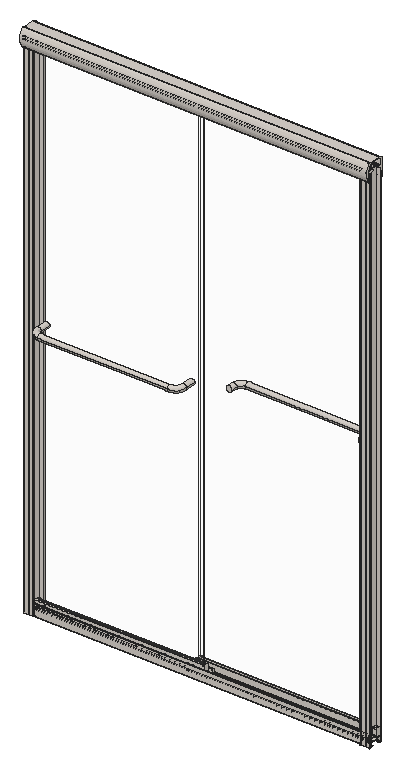
Revit family "Shower-Shower_Door-STERLING-Finesse-5485_1", category Specialty Equipment, host Face, Revit 2015
Parameters (values of type "N-Nickel with Lake Mist Glass Pattern")
  Width [instance] = 47 5/8"
  WaterSense Certified = 1 = 0  # no
  Walk-through [instance] = Width - 25 7/8"  # 21 3/4"
  URL = "https://www.sterlingplumbing.com/"
  Product Page URL = "http://www.sterlingplumbing.com/detail?productNumber=5485-48"
  Product Name = "Finesse"  # constant formula
  Product Documentation Link = "https://resources.kohler.com/plumbing/sterling/pdf/5485-48_spec.pdf"
  Model = "5485-48N-G69"  # constant formula
  Material = "Nickel frame finish"  # constant formula
  MasterFormat 2004 = "10.28.13"  # constant formula
  MasterFormat 1995 = "10820"  # constant formula
  Manufacturer Address = "444 Highland Dr, Kohler, WI 53044"  # constant formula
  Manufacturer = "STERLING Co."  # constant formula
  Length = 2 1/2"  # constant formula
  Height = 72"  # constant formula
  Glass Material = Sterling-Glass-G69-Lake_Mist_Glass_Pattern
  Finish = Sterling-Metal-N-Nickel
  Environmental Product Declaration = ""
  Description = "Frameless Sliding Shower Door"  # constant formula
  Default Elevation = 0"
  Declare Label = ""
  Date Modified = "6/10/2019"  # constant formula
  Date Created = "6/10/2019"  # constant formula
  Copyright = "Copyright KOHLER Co."  # constant formula
  Contact Us = "https://www.us.kohler.com/us/static/contact.jsp"
  Assembly Code = "C1030200"
  ADA Compliant = 1 = 0  # no
Reference planes (in)
  plane 1 "Center (Front/Back)": y = 0
  plane 2: z = 0
  plane 3 "Center (Left/Right)": x = 0
  plane 4: x = -25.875
  plane 5: z = 72
  plane 6: z = 69.5
  plane 7: y = -2.27244
  plane 8: y = 4.13293
  plane 9: x = 21.75
  plane 10: y = 1.93295
  plane 11: y = -0.56705
  plane 12: z = 1.9375
Dimensions and locks (in)
  "Width": plane 9 to plane 4
  locked: plane 3 "Center (Left/Right)" to plane 4 at 25.875
  plane 9 to plane 3 "Center (Left/Right)" = 21 3/4"
  "Height": plane 5 to level
  "Length": plane 10 to plane 11
  plane 5 to plane 6 = 2 1/2"
  aligned and locked: plane 2 to host face
  aligned and locked: level to host face
Automatic sketch dimensions
  host sketch curve to host sketch curve = 96"  (x2)
Nested families (in)
  nested 1: "5485" at (0, 0, 0), type "5485"
Definition of nested family "5485"
  Parameters (values of type "5485")
    Width = 47 5/8"
    Material = none
    Glass Material = none
  Reference planes (in)
    plane 1 "Center (Front/Back)": y = 0
    plane 2: z = 0
    plane 3 "Center (Left/Right)": x = 0
    plane 4: x = -23.8125
    plane 5: x = 21.75
    plane 6: z = 72
    plane 7: z = 69.78125
    plane 8: y = 1.875
    plane 9: y = 1.93295
    plane 10: y = -0.56705
    plane 11: z = 69.5
    plane 12: x = -25.875
    plane 13: y = 4.13293
    plane 14: y = -2.27244
    plane 15: z = 2
    plane 16: z = 1.9375
  Forms (in)
    Extrusion 1, solid, material <- "Material", detail levels medium+fine
      sketch origin (0, 0, 0) x (0, 1, 0) y (0, 0, 1)
        loop
          line (1.6822, 71.96996) -> (0.17053, 71.96996)
          arc (0.17053, 71.96996) -> (0.13608, 71.97421) -> (0.10369, 71.98668) r 0.14197
          arc (0.10369, 71.98668) -> (0.03395, 71.99844) -> (-0.02878, 71.9658) r 0.1113
          arc (-0.02878, 71.9658) -> (-0.56863, 70.7368) -> (-0.0345, 69.5053) r 1.67776
          arc (-0.0345, 69.5053) -> (-0.00689, 69.50584) -> (-0.00654, 69.53346) r 0.01985
          arc (-0.00654, 69.53346) -> (-0.37946, 70.14444) -> (-0.47236, 70.85417) r 1.72561
          arc (-0.47236, 70.85417) -> (-0.45657, 70.88265) -> (-0.42603, 70.89396) r 0.04688
          line (-0.42603, 70.89396) -> (-0.07155, 70.89396)
          arc (-0.07155, 70.89396) -> (-0.05634, 70.88767) -> (-0.05005, 70.87246) r 0.0215
          line (-0.05005, 70.87246) -> (-0.05005, 70.5088)
          arc (-0.05005, 70.5088) -> (-0.02801, 70.48534) -> (-0.00322, 70.50586) r 0.02351
          arc (-0.00322, 70.50586) -> (-0.00081, 70.53147) -> (0, 70.55719) r 0.41101
          line (0, 70.55719) -> (0, 70.77699)
          arc (0, 70.77699) -> (0.00849, 70.79748) -> (0.02897, 70.80596) r 0.02897
          line (0.02897, 70.80596) -> (0.16895, 70.80596)
          arc (0.16895, 70.80596) -> (0.25694, 70.82004) -> (0.33615, 70.86086) r 0.28204
          arc (0.33615, 70.86086) -> (0.34704, 70.87374) -> (0.35095, 70.89015) r 0.03636
          line (0.35095, 70.89015) -> (0.35095, 70.96212)
          arc (0.35095, 70.96212) -> (0.32595, 70.98712) -> (0.30095, 70.96212) r 0.025
          line (0.30095, 70.96212) -> (0.30095, 70.9202)
          arc (0.30095, 70.9202) -> (0.29637, 70.90325) -> (0.28387, 70.89092) r 0.03364
          arc (0.28387, 70.89092) -> (0.16788, 70.86079) -> (0.05228, 70.89241) r 0.23258
          arc (0.05228, 70.89241) -> (0.04106, 70.90369) -> (0.03695, 70.91907) r 0.03086
          line (0.03695, 70.91907) -> (0.03695, 70.9573)
          arc (0.03695, 70.9573) -> (0.03106, 70.97151) -> (0.01685, 70.9774) r 0.02011
          line (0.01685, 70.9774) -> (-0.39461, 70.9774)
          arc (-0.39461, 70.9774) -> (-0.43176, 70.99525) -> (-0.44102, 71.03541) r 0.04757
          arc (-0.44102, 71.03541) -> (-0.27102, 71.50878) -> (0.00951, 71.92625) r 2.04225
          arc (0.00951, 71.92625) -> (0.03395, 71.94033) -> (0.06187, 71.93631) r 0.04317
          arc (0.06187, 71.93631) -> (0.11463, 71.91665) -> (0.17053, 71.90996) r 0.23722
          line (0.17053, 71.90996) -> (1.68942, 71.90996)
          arc (1.68942, 71.90996) -> (1.7351, 71.91594) -> (1.77771, 71.93345) r 0.17768
          arc (1.77771, 71.93345) -> (1.8426, 71.93328) -> (1.875, 71.87706) r 0.06499
          line (1.875, 71.87706) -> (1.875, 70.96996)
          arc (1.875, 70.96996) -> (1.86819, 70.95669) -> (1.85343, 70.95449) r 0.01633
          arc (1.85343, 70.95449) -> (1.8304, 70.94882) -> (1.82584, 70.92554) r 0.02205
          arc (1.82584, 70.92554) -> (1.82611, 70.90775) -> (1.81462, 70.89416) r 0.02535
          arc (1.81462, 70.89416) -> (1.77212, 70.87492) -> (1.72698, 70.86318) r 0.27375
          arc (1.72698, 70.86318) -> (1.70651, 70.86085) -> (1.68591, 70.86082) r 0.18435
          arc (1.68591, 70.86082) -> (1.62987, 70.86986) -> (1.57696, 70.89041) r 0.26998
          arc (1.57696, 70.89041) -> (1.56454, 70.90197) -> (1.55995, 70.9183) r 0.03138
          line (1.55995, 70.9183) -> (1.55995, 70.96148)
          arc (1.55995, 70.96148) -> (1.53495, 70.98648) -> (1.50995, 70.96148) r 0.025
          line (1.50995, 70.96148) -> (1.50995, 70.90094)
          arc (1.50995, 70.90094) -> (1.51593, 70.87515) -> (1.53263, 70.85462) r 0.05864
          arc (1.53263, 70.85462) -> (1.59957, 70.81847) -> (1.67462, 70.80596) r 0.23151
          line (1.67462, 70.80596) -> (1.8462, 70.80596)
          arc (1.8462, 70.80596) -> (1.86657, 70.79753) -> (1.875, 70.77717) r 0.0288
          line (1.875, 70.77717) -> (1.875, 69.52698)
          arc (1.875, 69.52698) -> (1.90398, 69.49801) -> (1.93295, 69.52698) r 0.02898
          line (1.93295, 69.52698) -> (1.93295, 71.87507)
          arc (1.93295, 71.87507) -> (1.87343, 71.98151) -> (1.75158, 71.98653) r 0.12493
          arc (1.75158, 71.98653) -> (1.71787, 71.97416) -> (1.6822, 71.96996) r 0.15357
      from -25.875 to 21.75
    Extrusion 2, solid, material <- "Material", detail levels medium+fine
      sketch origin (0, -0.04904, 0) x (0, 1, 0) y (0, 0, 1)
        loop
          line (1.72905, 0.36526) -> (1.72905, 0.05102)
          arc (1.72905, 0.05102) -> (1.78055, -0.00048) -> (1.83205, 0.05102) r 0.0515
          line (1.83205, 0.05102) -> (1.83205, 0.4845)
          arc (1.83205, 0.4845) -> (1.79006, 0.58843) -> (1.68766, 0.63402) r 0.14961
          line (1.68766, 0.63402) -> (0.17403, 0.68687)
          arc (0.17403, 0.68687) -> (0.15986, 0.69318) -> (0.15405, 0.70757) r 0.0207
          line (0.15405, 0.70757) -> (0.15405, 0.84491)
          arc (0.15405, 0.84491) -> (0.16167, 0.85815) -> (0.17695, 0.8582) r 0.01531
          arc (0.17695, 0.8582) -> (0.1916, 0.8504) -> (0.20667, 0.84346) r 0.28331
          arc (0.20667, 0.84346) -> (0.22227, 0.83448) -> (0.23528, 0.82204) r 0.07493
          arc (0.23528, 0.82204) -> (0.24976, 0.81763) -> (0.25942, 0.82928) r 0.01366
          arc (0.25942, 0.82928) -> (0.25087, 0.86456) -> (0.22194, 0.88649) r 0.05406
          arc (0.22194, 0.88649) -> (0.18444, 0.90861) -> (0.16046, 0.94494) r 0.09666
          arc (0.16046, 0.94494) -> (0.15566, 0.96247) -> (0.15405, 0.98057) r 0.10214
          line (0.15405, 0.98057) -> (0.15405, 1.09175)
          arc (0.15405, 1.09175) -> (0.16369, 1.11056) -> (0.18459, 1.1137) r 0.02315
          arc (0.18459, 1.1137) -> (0.21358, 1.1114) -> (0.24024, 1.12302) r 0.05987
          arc (0.24024, 1.12302) -> (0.25461, 1.13896) -> (0.26244, 1.15894) r 0.05987
          arc (0.26244, 1.15894) -> (0.26461, 1.17817) -> (0.26365, 1.19751) r 0.11973
          arc (0.26365, 1.19751) -> (0.25738, 1.21134) -> (0.24446, 1.21934) r 0.0261
          arc (0.24446, 1.21934) -> (0.2287, 1.21722) -> (0.21905, 1.20457) r 0.02079
          line (0.21905, 1.20457) -> (0.21905, 1.17354)
          arc (0.21905, 1.17354) -> (0.19405, 1.14854) -> (0.16905, 1.17354) r 0.025
          line (0.16905, 1.17354) -> (0.16905, 1.46188)
          arc (0.16905, 1.46188) -> (0.19405, 1.48688) -> (0.21905, 1.46188) r 0.025
          line (0.21905, 1.46188) -> (0.21905, 1.42933)
          arc (0.21905, 1.42933) -> (0.24405, 1.40433) -> (0.26905, 1.42933) r 0.025
          line (0.26905, 1.42933) -> (0.26905, 1.46043)
          arc (0.26905, 1.46043) -> (0.26363, 1.4863) -> (0.24831, 1.50783) r 0.06453
          arc (0.24831, 1.50783) -> (0.22883, 1.5202) -> (0.20625, 1.52493) r 0.06453
          arc (0.20625, 1.52493) -> (0.18735, 1.52509) -> (0.16845, 1.52454) r 0.5079
          arc (0.16845, 1.52454) -> (0.12628, 1.50528) -> (0.10905, 1.46224) r 0.06237
          line (0.10905, 1.46224) -> (0.10905, 0.05057) -> (0.07667, 0.05057) -> (0.07667, 0) -> (0.13171, 0)
          arc (0.13171, 0) -> (0.1475, 0.00654) -> (0.15405, 0.02234) r 0.02234
          line (0.15405, 0.02234) -> (0.15405, 0.10757) -> (0.38225, 0.10757)
          arc (0.38225, 0.10757) -> (0.40475, 0.13007) -> (0.38225, 0.15257) r 0.0225
          line (0.38225, 0.15257) -> (0.15405, 0.15257) -> (0.15405, 0.62085)
          arc (0.15405, 0.62085) -> (0.16044, 0.63592) -> (0.17573, 0.64179) r 0.02095
          line (0.17573, 0.64179) -> (1.5216, 0.59479)
          arc (1.5216, 0.59479) -> (1.54068, 0.57958) -> (1.52862, 0.55838) r 0.01877
          arc (1.52862, 0.55838) -> (1.51984, 0.54325) -> (1.53323, 0.532) r 0.01359
          line (1.53323, 0.532) -> (1.68402, 0.532)
          arc (1.68402, 0.532) -> (1.69818, 0.52613) -> (1.70405, 0.51197) r 0.02003
          line (1.70405, 0.51197) -> (1.70405, 0.45032)
          arc (1.70405, 0.45032) -> (1.6981, 0.43595) -> (1.68373, 0.43) r 0.02032
          line (1.68373, 0.43) -> (1.54686, 0.43)
          arc (1.54686, 0.43) -> (1.52436, 0.4075) -> (1.54686, 0.385) r 0.0225
          line (1.54686, 0.385) -> (1.70931, 0.385)
          arc (1.70931, 0.385) -> (1.72326, 0.37922) -> (1.72905, 0.36526) r 0.01974
      from -24.57263 to 21.75
    Extrusion 3, solid, material <- "Material", detail levels medium+fine
      sketch origin (-2.09753, 0, 0) x (1, 0, 0) y (0, 1, 0)
        loop
          line (-23.77747, 1.84792) -> (-23.77747, 1.78929)
          arc (-23.77747, 1.78929) -> (-23.75723, 1.76906) -> (-23.73699, 1.78929) r 0.02024
          line (-23.73699, 1.78929) -> (-23.73699, 1.82208)
          arc (-23.73699, 1.82208) -> (-23.43256, 1.81025) -> (-23.12794, 1.80534) r 13.39061
          arc (-23.12794, 1.80534) -> (-23.11348, 1.79929) -> (-23.10749, 1.7848) r 0.02055
          line (-23.10749, 1.7848) -> (-23.10749, 0.09014)
          arc (-23.10749, 0.09014) -> (-23.11348, 0.07564) -> (-23.12794, 0.06959) r 0.02055
          arc (-23.12794, 0.06959) -> (-23.43256, 0.06468) -> (-23.73699, 0.05285) r 13.39061
          line (-23.73699, 0.05285) -> (-23.73699, 0.08564)
          arc (-23.73699, 0.08564) -> (-23.75723, 0.10588) -> (-23.77747, 0.08564) r 0.02024
          line (-23.77747, 0.08564) -> (-23.77747, 0.03284)
          arc (-23.77747, 0.03284) -> (-23.76706, 0.00883) -> (-23.74243, 0) r 0.03291
          line (-23.74243, 0) -> (-22.41842, 0)
          arc (-22.41842, 0) -> (-22.39654, 0.01033) -> (-22.38764, 0.03284) r 0.03291
          line (-22.38764, 0.03284) -> (-22.38764, 0.08564)
          arc (-22.38764, 0.08564) -> (-22.40782, 0.10582) -> (-22.42799, 0.08564) r 0.02018
          line (-22.42799, 0.08564) -> (-22.42799, 0.05261)
          arc (-22.42799, 0.05261) -> (-22.73273, 0.06456) -> (-23.03766, 0.06957) r 13.39061
          arc (-23.03766, 0.06957) -> (-23.05169, 0.07544) -> (-23.05749, 0.0895) r 0.01993
          line (-23.05749, 0.0895) -> (-23.05749, 1.78544)
          arc (-23.05749, 1.78544) -> (-23.05169, 1.79949) -> (-23.03766, 1.80537) r 0.01993
          arc (-23.03766, 1.80537) -> (-22.73273, 1.81038) -> (-22.42799, 1.82233) r 13.39061
          line (-22.42799, 1.82233) -> (-22.42799, 1.78929)
          arc (-22.42799, 1.78929) -> (-22.40782, 1.76912) -> (-22.38764, 1.78929) r 0.02018
          line (-22.38764, 1.78929) -> (-22.38764, 1.84759)
          arc (-22.38764, 1.84759) -> (-22.39567, 1.86697) -> (-22.41505, 1.875) r 0.02741
          line (-22.41505, 1.875) -> (-23.75038, 1.875)
          arc (-23.75038, 1.875) -> (-23.76953, 1.86707) -> (-23.77747, 1.84792) r 0.02708
      from 0 to 70.80596
    Extrusion 4, solid, material <- "Material", detail levels medium+fine
      sketch origin (-2.03125, 0, 0) x (-1, 0, 0) y (0, -1, 0)
        loop
          arc (-23.13185, -1.80534) -> (-23.43647, -1.81025) -> (-23.7409, -1.82208) r 13.39061
          line (-23.7409, -1.82208) -> (-23.7409, -1.78929)
          arc (-23.7409, -1.78929) -> (-23.76107, -1.76912) -> (-23.78125, -1.78929) r 0.02018
          line (-23.78125, -1.78929) -> (-23.78125, -1.84792)
          arc (-23.78125, -1.84792) -> (-23.77332, -1.86707) -> (-23.75417, -1.875) r 0.02708
          line (-23.75417, -1.875) -> (-22.41896, -1.875)
          arc (-22.41896, -1.875) -> (-22.39957, -1.86697) -> (-22.39155, -1.84759) r 0.02741
          line (-22.39155, -1.84759) -> (-22.39155, -1.78929)
          arc (-22.39155, -1.78929) -> (-22.41172, -1.76912) -> (-22.4319, -1.78929) r 0.02018
          line (-22.4319, -1.78929) -> (-22.4319, -1.82233)
          arc (-22.4319, -1.82233) -> (-22.73664, -1.81038) -> (-23.04157, -1.80537) r 13.39061
          arc (-23.04157, -1.80537) -> (-23.0556, -1.79949) -> (-23.0614, -1.78544) r 0.01993
          line (-23.0614, -1.78544) -> (-23.0614, -0.0895)
          arc (-23.0614, -0.0895) -> (-23.0556, -0.07544) -> (-23.04157, -0.06957) r 0.01993
          arc (-23.04157, -0.06957) -> (-22.73664, -0.06456) -> (-22.4319, -0.05261) r 13.39061
          line (-22.4319, -0.05261) -> (-22.4319, -0.08564)
          arc (-22.4319, -0.08564) -> (-22.41172, -0.10582) -> (-22.39155, -0.08564) r 0.02018
          line (-22.39155, -0.08564) -> (-22.39155, -0.03284)
          arc (-22.39155, -0.03284) -> (-22.40045, -0.01033) -> (-22.42233, 0) r 0.03291
          line (-22.42233, 0) -> (-23.74622, 0)
          arc (-23.74622, 0) -> (-23.77085, -0.00883) -> (-23.78125, -0.03284) r 0.03291
          line (-23.78125, -0.03284) -> (-23.78125, -0.08564)
          arc (-23.78125, -0.08564) -> (-23.76107, -0.10582) -> (-23.7409, -0.08564) r 0.02018
          line (-23.7409, -0.08564) -> (-23.7409, -0.05285)
          arc (-23.7409, -0.05285) -> (-23.43647, -0.06468) -> (-23.13185, -0.06959) r 13.39061
          arc (-23.13185, -0.06959) -> (-23.11738, -0.07564) -> (-23.1114, -0.09014) r 0.02055
          line (-23.1114, -0.09014) -> (-23.1114, -1.7848)
          arc (-23.1114, -1.7848) -> (-23.11738, -1.79929) -> (-23.13185, -1.80534) r 0.02055
      from 0 to 70.55057
    Extrusion 5, solid, material <- "Material", detail levels medium+fine
      sketch origin (0, 0, 0) x (0, 1, 0) y (0, 0, 1)
        loop
          line (0.73815, 0.74395) -> (0.29321, 0.75949)
          arc (0.29321, 0.75949) -> (0.25519, 0.79475) -> (0.20494, 0.80755) r 0.10509
          line (0.20494, 0.80755) -> (0.15405, 0.80755) -> (0.15405, 0.70797)
          arc (0.15405, 0.70797) -> (0.15997, 0.6933) -> (0.17443, 0.68686) r 0.02112
          line (0.17443, 0.68686) -> (1.69176, 0.63387)
          spline (1.69176, 0.63387) -> (1.70264, 0.6328) -> (1.7133, 0.63035) -> (1.72357, 0.62657) -> (1.73327, 0.62151) -> (1.74225, 0.61527) -> (1.75037, 0.60794) -> (1.75749, 0.59964) -> (1.76349, 0.5905) -> (1.76829, 0.58067) -> (1.7718, 0.57032) -> (1.77397, 0.5596) -> (1.77476, 0.54869)
          line (1.77476, 0.54869) -> (1.77911, 0.05057) -> (1.86405, 0.05057) -> (1.86405, 1.42973)
          arc (1.86405, 1.42973) -> (1.77897, 1.51631) -> (1.69091, 1.43275) r 0.08659
          line (1.69091, 1.43275) -> (1.66759, 0.76483)
          arc (1.66759, 0.76483) -> (1.65015, 0.72657) -> (1.61076, 0.71184) r 0.05495
          line (1.61076, 0.71184) -> (1.12918, 0.72866)
          arc (1.12918, 0.72866) -> (1.08825, 0.74645) -> (1.07046, 0.78738) r 0.06089
          line (1.07046, 0.78738) -> (1.04671, 1.46728)
          arc (1.04671, 1.46728) -> (1.02817, 1.50892) -> (0.98591, 1.526) r 0.06084
          line (0.98591, 1.526) -> (0.88726, 1.526)
          arc (0.88726, 1.526) -> (0.84439, 1.50868) -> (0.82558, 1.46644) r 0.06172
          line (0.82558, 1.46644) -> (0.80245, 0.8039)
          arc (0.80245, 0.8039) -> (0.78272, 0.76061) -> (0.73815, 0.74395) r 0.06216
      from -3.54081 to -0.52995
    Extrusion 6, solid, material <- "Material", detail levels medium+fine
      sketch origin (0, 0.04688, -0.21875) x (0, 1, 0) y (0, 0, 1)
        loop
          arc (0.28198, 2.21875) -> (0.23317, 2.19853) -> (0.21295, 2.14972) r 0.06903
          line (0.21295, 2.14972) -> (0.21295, 1.28795)
          arc (0.21295, 1.28795) -> (0.23355, 1.23823) -> (0.28327, 1.21763) r 0.07031
          line (0.28327, 1.21763) -> (0.66264, 1.21763)
          arc (0.66264, 1.21763) -> (0.71236, 1.23823) -> (0.73295, 1.28795) r 0.07031
          line (0.73295, 1.28795) -> (0.73295, 2.14844)
          arc (0.73295, 2.14844) -> (0.71236, 2.19816) -> (0.66264, 2.21875) r 0.07031
          line (0.66264, 2.21875) -> (0.28198, 2.21875)
      from -24.466 to -1.1985
    Extrusion 7, solid, material <- "Material", detail levels medium+fine
      sketch origin (0, 0, 0) x (0, 1, 0) y (0, 0, 1)
        loop
          arc (1.20148, 2) -> (1.15267, 1.97978) -> (1.13245, 1.93097) r 0.06903
          line (1.13245, 1.93097) -> (1.13245, 1.0692)
          arc (1.13245, 1.0692) -> (1.15305, 1.01948) -> (1.20277, 0.99888) r 0.07031
          line (1.20277, 0.99888) -> (1.58214, 0.99888)
          arc (1.58214, 0.99888) -> (1.63186, 1.01948) -> (1.65245, 1.0692) r 0.07031
          line (1.65245, 1.0692) -> (1.65245, 1.92969)
          arc (1.65245, 1.92969) -> (1.63186, 1.97941) -> (1.58214, 2) r 0.07031
          line (1.58214, 2) -> (1.20148, 2)
      from -2.92868 to 21.75
    Extrusion 8, solid, material <- "Glass Material"
      sketch origin (0, 0, 0) x (1, 0, 0) y (0, 1, 0)
        loop
          line (-24.83541, 0.59795) -> (-24.83541, 0.34795) -> (-1.41587, 0.34795) -> (-1.41587, 0.59795) -> (-24.83541, 0.59795)
      from 1.20457 to 69.78125
    Extrusion 9, solid, material <- "Glass Material"
      sketch origin (-0.00076, -0.05989, 0) x (1, 0, 0) y (0, 1, 0)
        loop
          line (-2.74571, 1.51272) -> (-2.74571, 1.26272) -> (20.74386, 1.26272) -> (20.74386, 1.51272) -> (-2.74571, 1.51272)
      from 1.57569 to 69.78125
    Sweep 10, solid, material <- "Material"
      path origin (0, 0, 0) x (1, 0, 0) y (0, 1, 0)
        loop
          line (-23.12945, 0.59795) -> (-23.12945, -0.85262)
          arc (-23.12945, -0.85262) -> (-22.8233, -1.59174) -> (-22.08419, -1.89789) r 1.04526
          line (-22.08419, -1.89789) -> (-4.25439, -1.89789)
          arc (-4.25439, -1.89789) -> (-3.51527, -1.59174) -> (-3.20912, -0.85262) r 1.04526
          line (-3.20912, -0.85262) -> (-3.20912, 0.59795)
      profile origin (-13.16929, -1.89789, 0) x (0, 1, 0) y (0, 0, 1)
        loop
          circle (0.00108, 36.02106) r 0.37655
    Sweep 11, solid, material <- "Material"
      path origin (0, 0, 0) x (1, 0, 0) y (0, 1, 0)
        loop
          line (0.87117, 1.93295) -> (0.87117, 2.67665)
          arc (0.87117, 2.67665) -> (1.18793, 3.44138) -> (1.95266, 3.75814) r 1.08149
          line (1.95266, 3.75814) -> (17.87943, 3.75814)
          arc (17.87943, 3.75814) -> (18.64416, 3.44138) -> (18.96092, 2.67665) r 1.08149
          line (18.96092, 2.67665) -> (18.96092, 1.93295)
      profile origin (9.91604, 3.75814, 0) x (0, 1, 0) y (0, 0, 1)
        loop
          circle (-0.00499, 36.02009) r 0.37916
    Extrusion 12, solid, material <- "Material", detail levels coarse
      sketch origin (0, 0, 0) x (0, 1, 0) y (0, 0, 1)
        loop
          line (1.93295, 72) -> (-0.56705, 72) -> (-0.56705, 69.5) -> (1.93295, 69.5) -> (1.93295, 72)
      from -25.875 to 21.75
    Extrusion 13, solid, material <- "Material", detail levels coarse
      sketch origin (0, 0, 0) x (0, 1, 0) y (0, 0, 1)
        loop
          line (1.875, 2.21875) -> (0, 2.21875) -> (0, 0) -> (1.875, 0) -> (1.875, 2.21875)
      from -25.875 to 21.75
    Extrusion 14, solid, material <- "Material", detail levels coarse
      sketch origin (0, 0, 0) x (1, 0, 0) y (0, 1, 0)
        loop
          line (-25.875, 1.93295) -> (-25.875, -0.56705) -> (-24.57263, -0.56705) -> (-24.57263, 1.93295) -> (-25.875, 1.93295)
        loop
          line (21.75, -0.56705) -> (21.75, 1.93295) -> (20.4375, 1.93295) -> (20.4375, -0.56705) -> (21.75, -0.56705)
      from 0 to 70.85417
    Extrusion 15, void
      sketch origin (0, 0, 0) x (1, 0, 0) y (0, 1, 0)
        loop
          line (-1.41587, 0.59795) -> (-24.21266, 0.59795) -> (-24.21266, 0.34795) -> (-1.41587, 0.34795) -> (-1.41587, 0.59795)
      from 1.57569 to 2.27363
    Extrusion 16, void
      sketch origin (0, 0, 0) x (1, 0, 0) y (0, 1, 0)
        loop
          line (-2.74647, 1.20283) -> (20.7431, 1.20283) -> (20.7431, 1.45283) -> (-2.74647, 1.45283) -> (-2.74647, 1.20283)
      from 1.57569 to 2.27363
  Cuts and joins
    Extrusion 15, Extrusion 16 cuts Extrusion 1
    Extrusion 15, Extrusion 16 cuts Extrusion 2
    Extrusion 15, Extrusion 16 cuts Extrusion 6
    Extrusion 15, Extrusion 16 cuts Extrusion 7
    joined: Extrusion 1, Extrusion 2, Extrusion 6, Extrusion 7
    Extrusion 15, Extrusion 16 cuts Extrusion 3
    Extrusion 15, Extrusion 16 cuts Extrusion 4
    Extrusion 15, Extrusion 16 cuts Extrusion 5
    joined: Extrusion 3, Extrusion 4, Extrusion 5
    joined: Sweep 10, Sweep 11
    Extrusion 16 cuts Extrusion 8
    Extrusion 15 cuts Extrusion 9
    joined: Extrusion 8, Extrusion 9
    Extrusion 15, Extrusion 16 cuts Extrusion 12
    Extrusion 15, Extrusion 16 cuts Extrusion 13
    Extrusion 15, Extrusion 16 cuts Extrusion 14
    joined: Extrusion 12, Extrusion 13, Extrusion 14
  Lines and regions (in)
    Masking region 1
      outline origin (0, 0, 0) x (0, 1, 0) y (0, 0, 1)
        loop
          line (1.93295, 69.52698) -> (1.93295, 71.87532)
          arc (1.93295, 71.87532) -> (1.87343, 71.98176) -> (1.75158, 71.98678) r 0.12493
          arc (1.75158, 71.98678) -> (1.71787, 71.97441) -> (1.6822, 71.97021) r 0.15357
          line (1.6822, 71.97021) -> (0.17053, 71.97021)
          arc (0.17053, 71.97021) -> (0.13608, 71.97446) -> (0.10369, 71.98693) r 0.14197
          arc (0.10369, 71.98693) -> (0.07681, 71.99708) -> (0.04822, 72) r 0.1113
          arc (0.04822, 72) -> (0.00517, 71.99004) -> (-0.03061, 71.96411) r 0.1113
          arc (-0.03061, 71.96411) -> (-0.3893, 71.48763) -> (-0.55864, 70.91577) r 1.67776
          arc (-0.55864, 70.91577) -> (-0.56494, 70.83723) -> (-0.56705, 70.75847) r 1.4763
          line (-0.56705, 70.75847) -> (-0.56705, 70.70765)
          arc (-0.56705, 70.70765) -> (-0.56306, 70.59915) -> (-0.55114, 70.49123) r 1.48037
          arc (-0.55114, 70.49123) -> (-0.38889, 69.97737) -> (-0.07211, 69.54144) r 1.67776
          arc (-0.07211, 69.54144) -> (-0.0362, 69.5416) -> (-0.03636, 69.57751) r 0.02539
          arc (-0.03636, 69.57751) -> (-0.408, 70.14519) -> (-0.51578, 70.81509) r 1.62697
          arc (-0.51578, 70.81509) -> (-0.5133, 70.83046) -> (-0.50755, 70.84493) r 0.07136
          arc (-0.50755, 70.84493) -> (-0.4736, 70.88076) -> (-0.42603, 70.89396) r 0.09228
          line (-0.42603, 70.89396) -> (-0.07155, 70.89396)
          arc (-0.07155, 70.89396) -> (-0.05634, 70.88767) -> (-0.05005, 70.87246) r 0.0215
          line (-0.05005, 70.87246) -> (-0.05005, 70.5088)
          arc (-0.05005, 70.5088) -> (-0.02502, 70.48377) -> (0, 70.5088) r 0.02502
          line (0, 70.5088) -> (0, 36.39925) -> (-1.89328, 36.39925)
          arc (-1.89328, 36.39925) -> (-2.16112, 36.28846) -> (-2.27244, 36.02085) r 0.37916
          arc (-2.27244, 36.02085) -> (-2.16166, 35.75225) -> (-1.89328, 35.64093) r 0.37916
          line (-1.89328, 35.64093) -> (0, 35.64093) -> (0, 0) -> (1.875, 0) -> (1.875, 35.64093) -> (3.75379, 35.64093)
          arc (3.75379, 35.64093) -> (4.02081, 35.75091) -> (4.13293, 36.01704) r 0.37916
          arc (4.13293, 36.01704) -> (4.02297, 36.28711) -> (3.75379, 36.39925) r 0.37916
          line (3.75379, 36.39925) -> (1.875, 36.39925) -> (1.875, 69.52586)
          arc (1.875, 69.52586) -> (1.90453, 69.498) -> (1.93295, 69.52698) r 0.02899
        loop
          arc (0.00566, 71.92848) -> (-0.30636, 71.53506) -> (-0.48355, 71.06523) r 1.62697
          arc (-0.48355, 71.06523) -> (-0.48354, 71.04066) -> (-0.47368, 71.01816) r 0.06001
          arc (-0.47368, 71.01816) -> (-0.43909, 70.98819) -> (-0.39461, 70.9774) r 0.09708
          line (-0.39461, 70.9774) -> (0.01685, 70.9774)
          arc (0.01685, 70.9774) -> (0.03106, 70.97151) -> (0.03695, 70.9573) r 0.02011
          line (0.03695, 70.9573) -> (0.03695, 70.91907)
          arc (0.03695, 70.91907) -> (0.04106, 70.90369) -> (0.05228, 70.89241) r 0.03086
          arc (0.05228, 70.89241) -> (0.16788, 70.86079) -> (0.28387, 70.89092) r 0.23258
          arc (0.28387, 70.89092) -> (0.29637, 70.90325) -> (0.30095, 70.9202) r 0.03364
          line (0.30095, 70.9202) -> (0.30095, 70.96212)
          arc (0.30095, 70.96212) -> (0.32595, 70.98712) -> (0.35095, 70.96212) r 0.025
          line (0.35095, 70.96212) -> (0.35095, 70.89015)
          arc (0.35095, 70.89015) -> (0.34704, 70.87374) -> (0.33615, 70.86086) r 0.03636
          arc (0.33615, 70.86086) -> (0.25696, 70.82005) -> (0.16899, 70.80596) r 0.28204
          line (0.16899, 70.80596) -> (1.67462, 70.80596)
          arc (1.67462, 70.80596) -> (1.59957, 70.81847) -> (1.53263, 70.85462) r 0.23151
          arc (1.53263, 70.85462) -> (1.51593, 70.87515) -> (1.50995, 70.90094) r 0.05864
          line (1.50995, 70.90094) -> (1.50995, 70.96148)
          arc (1.50995, 70.96148) -> (1.53495, 70.98648) -> (1.55995, 70.96148) r 0.025
          line (1.55995, 70.96148) -> (1.55995, 70.9183)
          arc (1.55995, 70.9183) -> (1.56454, 70.90197) -> (1.57696, 70.89041) r 0.03138
          arc (1.57696, 70.89041) -> (1.62987, 70.86986) -> (1.68591, 70.86082) r 0.26998
          arc (1.68591, 70.86082) -> (1.70651, 70.86085) -> (1.72698, 70.86318) r 0.18435
          arc (1.72698, 70.86318) -> (1.77212, 70.87492) -> (1.81462, 70.89416) r 0.27375
          arc (1.81462, 70.89416) -> (1.82611, 70.90775) -> (1.82584, 70.92554) r 0.02535
          arc (1.82584, 70.92554) -> (1.8304, 70.94882) -> (1.85343, 70.95449) r 0.02205
          arc (1.85343, 70.95449) -> (1.86819, 70.95669) -> (1.875, 70.96996) r 0.01633
          line (1.875, 70.96996) -> (1.875, 71.87706)
          arc (1.875, 71.87706) -> (1.8426, 71.93328) -> (1.77771, 71.93345) r 0.06499
          arc (1.77771, 71.93345) -> (1.7351, 71.91594) -> (1.68942, 71.90996) r 0.17768
          line (1.68942, 71.90996) -> (0.17053, 71.90996)
          arc (0.17053, 71.90996) -> (0.11463, 71.91665) -> (0.06187, 71.93631) r 0.23722
          arc (0.06187, 71.93631) -> (0.03252, 71.94131) -> (0.00566, 71.92848) r 0.04925
    Masking region 2
      outline origin (0, 0, 0) x (1, 0, 0) y (0, 1, 0)
        loop
          line (21.75, 1.93295) -> (19.34375, 1.93295) -> (19.34375, 2.63293)
          arc (19.34375, 2.63293) -> (18.90441, 3.69359) -> (17.84375, 4.13293) r 1.5
          line (17.84375, 4.13293) -> (1.997, 4.13293)
          arc (1.997, 4.13293) -> (0.93634, 3.69359) -> (0.497, 2.63293) r 1.5
          line (0.497, 2.63293) -> (0.497, 1.93295) -> (-25.875, 1.93295) -> (-25.875, -0.56705) -> (-23.50492, -0.56705) -> (-23.50492, -0.85178)
          arc (-23.50492, -0.85178) -> (-23.08882, -1.85634) -> (-22.08427, -2.27244) r 1.42066
          line (-22.08427, -2.27244) -> (-4.25552, -2.27244)
          arc (-4.25552, -2.27244) -> (-3.2501, -1.85598) -> (-2.83365, -0.85056) r 1.42188
          line (-2.83365, -0.85056) -> (-2.83365, -0.56705) -> (21.75, -0.56705) -> (21.75, 1.93295)
        loop
          arc (1.99667, 3.37437) -> (1.46634, 3.1547) -> (1.24667, 2.62437) r 0.75
          line (1.24667, 2.62437) -> (1.24667, 1.93295) -> (18.57677, 1.93295) -> (18.57677, 2.62437)
          arc (18.57677, 2.62437) -> (18.3571, 3.1547) -> (17.82677, 3.37437) r 0.75
          line (17.82677, 3.37437) -> (1.99667, 3.37437)
        loop
          line (-3.58675, -0.56705) -> (-22.75183, -0.56705) -> (-22.75183, -0.87183)
          arc (-22.75183, -0.87183) -> (-22.56191, -1.33034) -> (-22.10339, -1.52026) r 0.64844
          line (-22.10339, -1.52026) -> (-4.23527, -1.52026)
          arc (-4.23527, -1.52026) -> (-3.7767, -1.33032) -> (-3.58675, -0.87174) r 0.64852
          line (-3.58675, -0.87174) -> (-3.58675, -0.56705)
    Masking region 3
      outline origin (0, 0, 0) x (1, 0, 0) y (0, 0, 1)
        loop
          line (-25.875, 72) -> (-25.875, 0) -> (21.75, 0) -> (21.75, 72) -> (-25.875, 72)
    symbolic lines, detail levels medium+fine
      curve 1: line (0, 1.46808, 0.59658) -> (0, 0.17356, 0.64179)
      curve 2: arc (0, 0.17356, 0.64179) -> (0, 0.15828, 0.63592) -> (0, 0.15189, 0.62085) r 0.02095
      curve 3: line (0, 0.15189, 0.62085) -> (0, 0.15189, 0.15257)
      curve 4: line (0, 0.15189, 0.15257) -> (0, 0.38009, 0.15257)
      curve 5: arc (0, 0.38009, 0.15257) -> (0, 0.40259, 0.13007) -> (0, 0.38009, 0.10757) r 0.0225
      curve 6: line (0, 0.38009, 0.10757) -> (0, 0.15189, 0.10757)
      curve 7: line (0, 0.15189, 0.10757) -> (0, 0.15189, 0.02234)
      curve 8: arc (0, 0.15189, 0.02234) -> (0, 0.14534, 0.00654) -> (0, 0.12955, 0) r 0.02234
      curve 9: line (0, 0.12955, 0) -> (0, 0.09375, 0)
      curve 10: line (0, 0.09375, 0) -> (0, 0.09375, 1.5073)
      curve 11: arc (0, 0.09375, 1.5073) -> (0, 0.11227, 1.51955) -> (0, 0.13391, 1.52454) r 0.06237
      curve 12: arc (0, 0.13391, 1.52454) -> (0, 0.15281, 1.52509) -> (0, 0.17172, 1.52493) r 0.5079
      curve 13: arc (0, 0.17172, 1.52493) -> (0, 0.1943, 1.5202) -> (0, 0.21377, 1.50783) r 0.06453
      curve 14: arc (0, 0.21377, 1.50783) -> (0, 0.2291, 1.4863) -> (0, 0.23451, 1.46043) r 0.06453
      curve 15: line (0, 0.23451, 1.46043) -> (0, 0.23451, 1.42933)
      curve 16: arc (0, 0.23451, 1.42933) -> (0, 0.2257, 1.42052) -> (0, 0.21689, 1.42933) r 0.00881
      curve 17: line (0, 0.21689, 1.42933) -> (0, 0.21689, 1.46188)
      curve 18: arc (0, 0.21689, 1.46188) -> (0, 0.19189, 1.48688) -> (0, 0.16689, 1.46188) r 0.025
      curve 19: line (0, 0.16689, 1.46188) -> (0, 0.16689, 1.17354)
      curve 20: arc (0, 0.16689, 1.17354) -> (0, 0.19189, 1.14854) -> (0, 0.21689, 1.17354) r 0.025
      curve 21: line (0, 0.21689, 1.17354) -> (0, 0.21689, 1.20457)
      curve 22: arc (0, 0.21689, 1.20457) -> (0, 0.22654, 1.21722) -> (0, 0.2423, 1.21934) r 0.02079
      curve 23: arc (0, 0.2423, 1.21934) -> (0, 0.25522, 1.21134) -> (0, 0.26149, 1.19751) r 0.0261
      curve 24: arc (0, 0.26149, 1.19751) -> (0, 0.26245, 1.17817) -> (0, 0.26028, 1.15894) r 0.11973
      curve 25: arc (0, 0.26028, 1.15894) -> (0, 0.25245, 1.13896) -> (0, 0.23808, 1.12302) r 0.05987
      curve 26: arc (0, 0.23808, 1.12302) -> (0, 0.21142, 1.1114) -> (0, 0.18243, 1.1137) r 0.05987
      curve 27: arc (0, 0.18243, 1.1137) -> (0, 0.16153, 1.11056) -> (0, 0.15189, 1.09175) r 0.02315
      curve 28: line (0, 0.15189, 1.09175) -> (0, 0.15189, 0.98057)
      curve 29: arc (0, 0.15189, 0.98057) -> (0, 0.1535, 0.96247) -> (0, 0.1583, 0.94494) r 0.10214
      curve 30: arc (0, 0.1583, 0.94494) -> (0, 0.18228, 0.90861) -> (0, 0.21978, 0.88649) r 0.09666
      curve 31: arc (0, 0.21978, 0.88649) -> (0, 0.24871, 0.86456) -> (0, 0.25726, 0.82928) r 0.05406
      curve 32: arc (0, 0.25726, 0.82928) -> (0, 0.2476, 0.81763) -> (0, 0.23312, 0.82204) r 0.01366
      curve 33: arc (0, 0.23312, 0.82204) -> (0, 0.22011, 0.83448) -> (0, 0.20451, 0.84346) r 0.07493
      curve 34: arc (0, 0.20451, 0.84346) -> (0, 0.18944, 0.8504) -> (0, 0.17479, 0.8582) r 0.28331
      curve 35: arc (0, 0.17479, 0.8582) -> (0, 0.15951, 0.85815) -> (0, 0.15189, 0.84491) r 0.01531
      curve 36: line (0, 0.15189, 0.84491) -> (0, 0.15189, 0.70757)
      curve 37: arc (0, 0.15189, 0.70757) -> (0, 0.1577, 0.69318) -> (0, 0.17187, 0.68687) r 0.0207
      curve 38: line (0, 0.17187, 0.68687) -> (0, 1.63862, 0.63565)
      curve 39: arc (0, 1.63862, 0.63565) -> (0, 1.74102, 0.59006) -> (0, 1.78301, 0.48614) r 0.14961
      curve 40: line (0, 1.78301, 70.80596) -> (0, 1.78301, 0.0515)
      curve 41: arc (0, 1.78301, 0.0515) -> (0, 1.76803, 0.01519) -> (0, 1.73181, 0) r 0.0515
      curve 42: line (0, 1.68001, 0.0515) -> (0, 1.68001, 0.36526)
      curve 43: arc (0, 1.68001, 0.36526) -> (0, 1.67423, 0.37922) -> (0, 1.66027, 0.385) r 0.01974
      curve 44: line (0, 1.66027, 0.385) -> (0, 1.49782, 0.385)
      curve 45: arc (0, 1.49782, 0.385) -> (0, 1.47532, 0.4075) -> (0, 1.49782, 0.43) r 0.0225
      curve 46: line (0, 1.49782, 0.43) -> (0, 1.6347, 0.43)
      curve 47: arc (0, 1.6347, 0.43) -> (0, 1.64906, 0.43595) -> (0, 1.65501, 0.45032) r 0.02032
      curve 48: line (0, 1.65501, 0.45032) -> (0, 1.65501, 0.51197)
      curve 49: arc (0, 1.65501, 0.51197) -> (0, 1.64914, 0.52613) -> (0, 1.63498, 0.532) r 0.02003
      curve 50: line (0, 1.63498, 0.532) -> (0, 1.4842, 0.532)
      curve 51: arc (0, 1.4842, 0.532) -> (0, 1.47105, 0.54216) -> (0, 1.47756, 0.55745) r 0.01359
      curve 52: line (0, 0.09375, 1.5073) -> (0, 0.09375, 70.80596)
      curve 53: line (0, 0, 70.5088) -> (0, 0, 70.77699)
      curve 54: line (0, 0.02897, 70.80596) -> (0, 0.16895, 70.80596)
      curve 55: arc (0, 0, 70.77699) -> (0, 0.00849, 70.79748) -> (0, 0.02897, 70.80596) r 0.02897
      curve 56: arc (0, 1.73181, 0) -> (0, 1.6952, 0.01498) -> (0, 1.68001, 0.0515) r 0.0515
      curve 57: line (0, 1.67462, 70.80596) -> (0, 1.8462, 70.80596)
      curve 58: arc (0, 1.8462, 70.80596) -> (0, 1.86657, 70.79753) -> (0, 1.875, 70.77717) r 0.0288
      curve 59: line (0, 1.875, 70.77717) -> (0, 1.875, 69.52698)
      curve 60: arc (0, 1.47756, 0.55745) -> (0, 1.48766, 0.58061) -> (0, 1.46808, 0.59658) r 0.0209
      curve 61: line (0, 0, 36.39925) -> (0, 0, 35.64093)
      curve 62: line (0, 1.875, 35.64093) -> (0, 1.875, 36.39925)
      curve 63: line (-25.875, 0, 69.5) -> (21.75, 0, 69.5)
      curve 64: line (-24.83541, 0, 69.5) -> (-24.83541, 0, 0)
      curve 65: line (20.7431, 0, 0) -> (20.7431, 0, 69.5)
      curve 66: line (-24.83541, 0, 1.9375) -> (20.7431, 0, 1.9375)
      curve 67: arc (-23.10846, 0, 35.64394) -> (-23.50611, 0, 36.03061) -> (-23.08978, 0, 36.39709) r 0.37783
      curve 68: line (-23.08978, 0, 36.39709) -> (-3.18578, 0, 36.39709)
      curve 69: arc (-3.18578, 0, 35.64394) -> (-2.80921, 0, 36.02052) -> (-3.18578, 0, 36.39709) r 0.37657
      curve 70: line (-23.10846, 0, 35.64394) -> (-3.18578, 0, 35.64394)
      curve 71: line (0, 0, 1.9375) -> (0, 0, 69.5)
      curve 72: line (0, 0, 1.9375) -> (0, 0, 1.526)
      curve 73: line (20.7431, 0, 1.526) -> (-24.83541, 0, 1.526)
      curve 74: circle (0.87616, 0, 36.02009) r 0.37916 normal (0, -1, 0)
      curve 75: circle (18.95593, 0, 36.02009) r 0.37916 normal (0, -1, 0)
      curve 76: line (-25.875, 0, 0) -> (21.75, 0, 0)
      curve 77: line (-23.50492, -0.56705, 0) -> (-22.75183, -0.56705, 0)
      curve 78: line (-3.58675, -0.56705, 0) -> (-2.83365, -0.56705, 0)
      curve 79: line (0.497, 1.93295, 0) -> (1.25532, 1.93295, 0)
      curve 80: line (18.57677, 1.93295, 0) -> (19.34375, 1.93295, 0)
      curve 81: line (0.04605, 0, 1.9375) -> (0.04605, 0, 1.526)
  Dimensions and locks (in)
    plane 6 to level = 72"
    plane 6 to plane 11 = 2 1/2"  (x2)
    level to Extrusion 2 = 0.05057"
    locked: plane 3 "Center (Left/Right)" to plane 12 at 25.875
    plane 5 to plane 3 "Center (Left/Right)" = 21 3/4"
    locked: Extrusion 4 to plane 5 at 0.03503
    "Width": plane 5 to plane 12
    plane 8 to plane 13 = 2.25793"
    locked: Extrusion 9 sketch curve to plane 5 at 1.0069
    plane 10 to plane 9 = 2 1/2"
    locked: Sweep 11 sketch curve to plane 5 at 2.78908
    locked: Masking region 2 sketch curve to Extrusion 1 at 2.40625
    locked: Masking region 2 sketch curve to Masking region 2 sketch curve at 2.12132
    locked: Masking region 2 sketch curve to Masking region 2 sketch curve at 1.06066
    locked: Extrusion 14 sketch curve to cut or joined group of Extrusion 12, Extrusion 13, Extrusion 14, Extrusion 15, Extrusion 16 at 1.3125
    plane 9 to plane 10 = 2 1/2"
    plane 8 to plane 1 "Center (Front/Back)" = 1 7/8"
    plane 15 to level = 2"
    locked: plane 3 "Center (Left/Right)" to Sweep 11 sketch curve at 0.87117
    locked: plane 3 "Center (Left/Right)" to Masking region 2 sketch curve at 0.497
    locked: plane 3 "Center (Left/Right)" to Masking region 2 sketch curve at 1.24667
    aligned and locked: plane 2 to level
    aligned and locked: plane 5 to Extrusion 2
    aligned and locked: plane 5 to Extrusion 7
    aligned and locked: plane 5 to Extrusion 1
    aligned and locked: Masking region 2 sketch curve to plane 5
    aligned and locked: Masking region 3 sketch curve to plane 5
    aligned and locked: plane 5 to Extrusion 12
    aligned and locked: plane 5 to Extrusion 13
    aligned and locked: plane 5 to Extrusion 14 sketch curve
  Automatic sketch dimensions
    curve 13 to curve 14 = 0"  (x2)
    curve 25 to curve 26 = 0"  (x2)
    curve 41 to curve 56 = 0"  (x2)
    curve 55 to plane 1 "Center (Front/Back)" = 0"
    curve 61 to plane 1 "Center (Front/Back)" = 0"
    curve 10 to level = 0"
    curve 56 to level = 0"
    curve 58 to plane 8 = 0"
    curve 62 to plane 8 = 0"
    curve 54 to plane 1 "Center (Front/Back)" = 0.02897"
    curve 10 to plane 1 "Center (Front/Back)" = 3/32"
    curve 9 to curve 9 = 0.0358"
    curve 10 to curve 11 = 0.04313"
    curve 24 to plane 1 "Center (Front/Back)" = 0.14278"
    curve 8 to curve 3 = 0.02234"
    level to curve 7 = 0.02234"
    curve 24 to curve 28 = 0.00911"
    curve 36 to curve 2 = 0"
    curve 28 to curve 12 = 0.00619"
    curve 24 to curve 19 = 0.02411"
    curve 35 to curve 35 = 0.01531"
    curve 18 to curve 14 = 0.0031"
    curve 37 to curve 38 = 0.01998"
    curve 37 to curve 37 = 0.0207"
    curve 2 to curve 2 = 0.02095"
    curve 2 to curve 1 = 0.00073"
    curve 27 to curve 27 = 0.02315"
    curve 37 to curve 33 = 0.00262"
    curve 13 to curve 18 = 0.0219"
    curve 20 to curve 20 = 0.025"
    curve 20 to curve 26 = 0.00964"
    curve 35 to curve 31 = 0.0363"
    curve 17 to curve 16 = 0.00881"
    curve 22 to curve 23 = 0.01873"
    curve 23 to curve 22 = 0.00136"
    curve 31 to curve 32 = 0.04018"
    curve 28 to curve 30 = 0.09701"
    curve 30 to curve 29 = 0.00513"
    curve 23 to curve 34 = 0.0797"
    curve 3 to curve 4 = 0.22821"
    plane 8 to curve 60 = 0.40765"
    curve 60 to curve 1 = 0.00073"
    curve 60 to curve 50 = 0.01685"
    curve 50 to curve 46 = 0.01362"
    curve 45 to curve 39 = 0.13558"
    curve 39 to curve 47 = 0.00129"
    curve 39 to curve 49 = 0.00158"
    curve 49 to curve 38 = 0.00364"
    curve 47 to curve 48 = 0.02032"
    curve 46 to curve 44 = 0.02558"
    curve 43 to curve 42 = 0.01974"
    curve 42 to curve 56 = 0.0515"
    plane 8 to curve 58 = 0.0288"
    level to curve 41 = 0.0515"
    curve 7 to curve 6 = 0.08523"
    curve 5 to curve 5 = 0.0225"
    curve 42 to curve 42 = 0.31376"
    curve 44 to curve 45 = 0.0225"
    curve 47 to curve 39 = 0.03582"
    curve 39 to curve 49 = 0.02584"
    curve 50 to curve 51 = 0.01359"
    curve 51 to curve 60 = 0.0301"
    curve 60 to curve 1 = 0.02089"
    curve 3 to curve 2 = 0.46828"
    curve 1 to curve 38 = 0.04509"
    curve 37 to curve 33 = 0.06694"
    curve 33 to curve 32 = 0.05621"
    curve 32 to curve 31 = 0.00423"
    curve 31 to curve 35 = 0.00997"
    curve 32 to curve 30 = 0.14795"
    curve 30 to curve 29 = 0.00191"
    curve 28 to curve 12 = 0.03665"
    curve 12 to curve 27 = 0.07453"
    curve 29 to curve 34 = 0.12363"
    curve 27 to curve 26 = 0.07869"
    curve 25 to curve 20 = 0.0031"
    curve 19 to curve 24 = 0.00841"
    curve 20 to curve 23 = 0.02058"
    curve 23 to curve 22 = 0.00513"
    curve 22 to curve 21 = 0.00533"
    curve 22 to curve 15 = 0.20999"
    curve 16 to curve 13 = 0.0311"
    curve 13 to curve 18 = 0.00145"
    curve 19 to curve 11 = 0.00037"
    curve 11 to curve 52 = 0.04505"
    plane 7 to curve 53 = 0.99574"
    plane 7 to curve 59 = 0.99592"
    curve 12 to curve 11 = 0"
    curve 30 to curve 29 = 0"
    curve 52 to curve 54 = 0.0752"
    curve 34 to curve 35 = 0"
    curve 26 to curve 27 = 0"
    curve 33 to curve 34 = 0"
    curve 12 to curve 14 = 0.04205"
    curve 31 to curve 30 = 0"
    curve 32 to curve 33 = 0"
    curve 25 to curve 25 = 0.0222"
    curve 23 to curve 22 = 0"
    curve 24 to curve 25 = 0"
    curve 57 to curve 40 = 0.10839"
    curve 61 to curve 62 = 0"
    curve 61 to curve 61 = 0.75832"
    curve 62 to curve 62 = 0.75832"
    plane 11 to curve 59 = 0.02698"
    curve 53 to curve 53 = 0.2682"
    Extrusion 1 sketch curve to plane 1 "Center (Front/Back)" = 0"
    Extrusion 1 sketch curve to plane 8 = 0"  (x2)
    Extrusion 1 sketch curve to plane 9 = 0"
    plane 1 "Center (Front/Back)" to Extrusion 1 sketch curve = 0.02097"
    plane 1 "Center (Front/Back)" to Extrusion 1 sketch curve = 0.02654"
    plane 1 "Center (Front/Back)" to Extrusion 1 sketch curve = 0.05005"
    Extrusion 1 sketch curve to Extrusion 1 sketch curve = 0.0215"
    Extrusion 1 sketch curve to plane 10 = 0.17243"
    Extrusion 1 sketch curve to plane 10 = 0.15604"
    Extrusion 1 sketch curve to Extrusion 1 sketch curve = 0.03142"
    Extrusion 1 sketch curve to plane 1 "Center (Front/Back)" = 0.01685"
    Extrusion 1 sketch curve to Extrusion 1 sketch curve = 0.02897"
    Extrusion 1 sketch curve to plane 1 "Center (Front/Back)" = 0.03695"
    Extrusion 1 sketch curve to plane 1 "Center (Front/Back)" = 0.0421"
    Extrusion 1 sketch curve to Extrusion 1 sketch curve = 0.00918"
    Extrusion 1 sketch curve to Extrusion 1 sketch curve = 0.03086"
    Extrusion 1 sketch curve to plane 1 "Center (Front/Back)" = 0.16895"
    Extrusion 1 sketch curve to Extrusion 1 sketch curve = 0.00042"
    Extrusion 1 sketch curve to plane 1 "Center (Front/Back)" = 0.17053"
    Extrusion 1 sketch curve to Extrusion 1 sketch curve = 0"  (x11)
    Extrusion 1 sketch curve to Extrusion 1 sketch curve = 0.09836"
    Extrusion 1 sketch curve to Extrusion 1 sketch curve = 0.03364"
    Extrusion 1 sketch curve to Extrusion 1 sketch curve = 0.01364"
    Extrusion 1 sketch curve to Extrusion 1 sketch curve = 0.025"  (x2)
    plane 8 to Extrusion 1 sketch curve = 0.76588"
    Extrusion 1 sketch curve to Extrusion 1 sketch curve = 0.13878"
    Extrusion 1 sketch curve to Extrusion 1 sketch curve = 0.26205"
    Extrusion 1 sketch curve to Extrusion 1 sketch curve = 0.04146"
    Extrusion 1 sketch curve to Extrusion 1 sketch curve = 0.00864"
    Extrusion 1 sketch curve to Extrusion 1 sketch curve = 0.02273"
    Extrusion 1 sketch curve to Extrusion 1 sketch curve = 0.11467"
    Extrusion 1 sketch curve to Extrusion 1 sketch curve = 0.00628"
    Extrusion 1 sketch curve to plane 6 = 0.03004"
    plane 8 to Extrusion 1 sketch curve = 0.1928"
    Extrusion 1 sketch curve to Extrusion 1 sketch curve = 0.00722"
    Extrusion 1 sketch curve to Extrusion 1 sketch curve = 0.02133"
    Extrusion 1 sketch curve to Extrusion 1 sketch curve = 0.01971"
    plane 8 to Extrusion 1 sketch curve = 0.07276"
    plane 8 to Extrusion 1 sketch curve = 0.06698"
    Extrusion 1 sketch curve to Extrusion 1 sketch curve = 0.00199"
    plane 8 to Extrusion 1 sketch curve = 0.0288"
    plane 8 to Extrusion 1 sketch curve = 0.02864"
    Extrusion 1 sketch curve to Extrusion 1 sketch curve = 0.01633"
    Extrusion 1 sketch curve to Extrusion 1 sketch curve = 0.06"
    Extrusion 1 sketch curve to plane 6 = 0.10206"
    Extrusion 1 sketch curve to Extrusion 1 sketch curve = 0.00945"
    Extrusion 1 sketch curve to plane 6 = 0.12294"
    Extrusion 1 sketch curve to Extrusion 1 sketch curve = 0.00198"
    Extrusion 1 sketch curve to Extrusion 1 sketch curve = 0.74205"
    Extrusion 1 sketch curve to Extrusion 1 sketch curve = 0.00262"
    Extrusion 1 sketch curve to Extrusion 1 sketch curve = 0.79513"
    Extrusion 1 sketch curve to Extrusion 1 sketch curve = 0.00536"
    Extrusion 1 sketch curve to Extrusion 1 sketch curve = 0.0855"
    Extrusion 1 sketch curve to Extrusion 1 sketch curve = 0.00743"
    Extrusion 1 sketch curve to Extrusion 1 sketch curve = 0.06304"
    Extrusion 1 sketch curve to Extrusion 1 sketch curve = 0.04757"
    Extrusion 1 sketch curve to Extrusion 1 sketch curve = 0.07494"
    Extrusion 1 sketch curve to Extrusion 1 sketch curve = 0.12588"
    Extrusion 1 sketch curve to Extrusion 1 sketch curve = 0.07599"
    Extrusion 1 sketch curve to Extrusion 1 sketch curve = 0.03636"
    Extrusion 1 sketch curve to Extrusion 1 sketch curve = 0.04192"
    Extrusion 1 sketch curve to Extrusion 1 sketch curve = 0.03823"
    Extrusion 1 sketch curve to Extrusion 1 sketch curve = 0.04318"
    Extrusion 1 sketch curve to Extrusion 1 sketch curve = 0.01733"
    Extrusion 1 sketch curve to Extrusion 1 sketch curve = 0.01736"
    Extrusion 1 sketch curve to Extrusion 1 sketch curve = 0.08344"
    Extrusion 1 sketch curve to Extrusion 1 sketch curve = 0.03005"
    Extrusion 1 sketch curve to Extrusion 1 sketch curve = 3/64"
    Extrusion 1 sketch curve to Extrusion 1 sketch curve = 0.08495"
    Extrusion 1 sketch curve to Extrusion 1 sketch curve = 0.08444"
    Extrusion 1 sketch curve to Extrusion 1 sketch curve = 0.16804"
    Extrusion 1 sketch curve to Extrusion 1 sketch curve = 0.01449"
    Extrusion 1 sketch curve to Extrusion 1 sketch curve = 0.21886"
    Extrusion 1 sketch curve to Extrusion 1 sketch curve = 0.2899"
    Extrusion 1 sketch curve to Extrusion 1 sketch curve = 0.04839"
    plane 11 to Extrusion 1 sketch curve = 0.02698"
    plane 11 to Extrusion 1 sketch curve = 0.01983"
    plane 6 to Extrusion 1 sketch curve = 0.08764"
    plane 6 to Extrusion 1 sketch curve = 0.11194"
    Extrusion 1 sketch curve to Extrusion 1 sketch curve = 0.03589"
    Extrusion 1 sketch curve to Extrusion 1 sketch curve = 0.03525"
    plane 1 "Center (Front/Back)" to Extrusion 1 sketch curve = 0.00654"
    plane 1 "Center (Front/Back)" to Extrusion 1 sketch curve = 0.02878"
    Extrusion 2 sketch curve to Extrusion 2 sketch curve = 0"  (x14)
    Extrusion 2 sketch curve to level = 0"
    Extrusion 2 sketch curve to plane 1 "Center (Front/Back)" = 0.02764"
    Extrusion 2 sketch curve to Extrusion 2 sketch curve = 0.03237"
    Extrusion 2 sketch curve to Extrusion 2 sketch curve = 0.05504"
    Extrusion 2 sketch curve to plane 1 "Center (Front/Back)" = 0.0959"
    Extrusion 2 sketch curve to Extrusion 2 sketch curve = 0.00911"
    Extrusion 2 sketch curve to plane 1 "Center (Front/Back)" = 0.10501"
    level to Extrusion 2 sketch curve = 0.02234"
    Extrusion 2 sketch curve to Extrusion 2 sketch curve = 0.02411"
    Extrusion 2 sketch curve to Extrusion 2 sketch curve = 0.01531"
    Extrusion 2 sketch curve to Extrusion 2 sketch curve = 0.00237"
    Extrusion 2 sketch curve to Extrusion 2 sketch curve = 0.01998"
    Extrusion 2 sketch curve to Extrusion 2 sketch curve = 0.0207"
    Extrusion 2 sketch curve to Extrusion 2 sketch curve = 0.02095"
    Extrusion 2 sketch curve to Extrusion 2 sketch curve = 0.00073"
    Extrusion 2 sketch curve to Extrusion 2 sketch curve = 0.02315"
    Extrusion 2 sketch curve to Extrusion 2 sketch curve = 0.00262"
    Extrusion 2 sketch curve to Extrusion 2 sketch curve = 0.03857"
    Extrusion 2 sketch curve to Extrusion 2 sketch curve = 0.025"  (x2)
    Extrusion 2 sketch curve to Extrusion 2 sketch curve = 0.02263"
    Extrusion 2 sketch curve to Extrusion 2 sketch curve = 0.00964"
    Extrusion 2 sketch curve to Extrusion 2 sketch curve = 0.01047"
    Extrusion 2 sketch curve to Extrusion 2 sketch curve = 0.0363"
    Extrusion 2 sketch curve to Extrusion 2 sketch curve = 0.01873"
    Extrusion 2 sketch curve to Extrusion 2 sketch curve = 0.00136"
    Extrusion 2 sketch curve to Extrusion 2 sketch curve = 0.04018"
    Extrusion 2 sketch curve to Extrusion 2 sketch curve = 0.05844"
    Extrusion 2 sketch curve to Extrusion 2 sketch curve = 0.00513"  (x2)
    Extrusion 2 sketch curve to Extrusion 2 sketch curve = 0.0797"
    Extrusion 2 sketch curve to Extrusion 2 sketch curve = 0.22821"
    plane 8 to Extrusion 2 sketch curve = 0.40243"
    Extrusion 2 sketch curve to Extrusion 2 sketch curve = 0.00065"
    Extrusion 2 sketch curve to Extrusion 2 sketch curve = 0.01098"
    Extrusion 2 sketch curve to Extrusion 2 sketch curve = 0.01362"
    Extrusion 2 sketch curve to Extrusion 2 sketch curve = 0.13558"
    Extrusion 2 sketch curve to Extrusion 2 sketch curve = 0.00129"
    Extrusion 2 sketch curve to Extrusion 2 sketch curve = 0.00158"
    Extrusion 2 sketch curve to Extrusion 2 sketch curve = 0.00364"
    Extrusion 2 sketch curve to Extrusion 2 sketch curve = 0.02003"
    Extrusion 2 sketch curve to Extrusion 2 sketch curve = 0.02558"
    level to Extrusion 2 sketch curve = 0.05102"
    plane 8 to Extrusion 2 sketch curve = 0.19499"
    Extrusion 2 sketch curve to Extrusion 2 sketch curve = 0.0515"
    Extrusion 2 sketch curve to Extrusion 2 sketch curve = 0.02823"
    Extrusion 2 sketch curve to Extrusion 2 sketch curve = 0.057"
    Extrusion 2 sketch curve to Extrusion 2 sketch curve = 0.0225"  (x2)
    Extrusion 2 sketch curve to Extrusion 2 sketch curve = 0.31424"
    Extrusion 2 sketch curve to Extrusion 2 sketch curve = 0.03418"
    Extrusion 2 sketch curve to Extrusion 2 sketch curve = 0.02747"
    Extrusion 2 sketch curve to Extrusion 2 sketch curve = 0.01359"
    Extrusion 2 sketch curve to Extrusion 2 sketch curve = 0.03044"
    Extrusion 2 sketch curve to Extrusion 2 sketch curve = 0.01876"
    Extrusion 2 sketch curve to Extrusion 2 sketch curve = 0.46828"
    Extrusion 2 sketch curve to Extrusion 2 sketch curve = 0.04509"
    Extrusion 2 sketch curve to Extrusion 2 sketch curve = 0.06694"
    Extrusion 2 sketch curve to Extrusion 2 sketch curve = 0.05621"
    Extrusion 2 sketch curve to Extrusion 2 sketch curve = 0.00423"
    Extrusion 2 sketch curve to Extrusion 2 sketch curve = 0.00997"
    Extrusion 2 sketch curve to Extrusion 2 sketch curve = 0.14795"
    Extrusion 2 sketch curve to Extrusion 2 sketch curve = 0.00191"
    Extrusion 2 sketch curve to Extrusion 2 sketch curve = 0.03665"
    Extrusion 2 sketch curve to Extrusion 2 sketch curve = 0.07453"
    Extrusion 2 sketch curve to Extrusion 2 sketch curve = 0.12363"
    Extrusion 2 sketch curve to Extrusion 2 sketch curve = 0.07869"
    Extrusion 2 sketch curve to Extrusion 2 sketch curve = 0.0031"
    Extrusion 2 sketch curve to Extrusion 2 sketch curve = 0.00841"
    Extrusion 2 sketch curve to Extrusion 2 sketch curve = 0.02058"
    Extrusion 2 sketch curve to Extrusion 2 sketch curve = 0.00533"
    Extrusion 2 sketch curve to Extrusion 2 sketch curve = 0.20999"
    Extrusion 2 sketch curve to Extrusion 2 sketch curve = 0.0311"
    Extrusion 2 sketch curve to Extrusion 2 sketch curve = 0.00145"
    Extrusion 2 sketch curve to Extrusion 2 sketch curve = 0.00037"
    Extrusion 2 sketch curve to Extrusion 2 sketch curve = 0.0222"
    Extrusion 2 sketch curve to Extrusion 2 sketch curve = 0.04205"
    Extrusion 3 sketch curve to plane 12 = 0"  (x2)
    plane 8 to Extrusion 3 sketch curve = 0"
    plane 1 "Center (Front/Back)" to Extrusion 3 sketch curve = 0"
    Extrusion 3 sketch curve to Extrusion 3 sketch curve = 0.02024"
    plane 12 to Extrusion 3 sketch curve = 0.02024"
    plane 12 to Extrusion 3 sketch curve = 0.02708"
    Extrusion 3 sketch curve to Extrusion 3 sketch curve = 0.00756"
    Extrusion 3 sketch curve to Extrusion 3 sketch curve = 0.00213"  (x2)
    Extrusion 3 sketch curve to plane 1 "Center (Front/Back)" = 0.09014"
    Extrusion 3 sketch curve to Extrusion 3 sketch curve = 0.60895"  (x2)
    plane 8 to Extrusion 3 sketch curve = 0.0902"
    Extrusion 3 sketch curve to Extrusion 3 sketch curve = 0.02055"
    plane 12 to Extrusion 3 sketch curve = 0.67232"  (x2)
    Extrusion 3 sketch curve to Extrusion 3 sketch curve = 0.04046"  (x2)
    Extrusion 3 sketch curve to Extrusion 3 sketch curve = 0.05"
    Extrusion 3 sketch curve to Extrusion 3 sketch curve = 0.01993"  (x3)
    plane 8 to Extrusion 3 sketch curve = 0.08571"
    Extrusion 3 sketch curve to Extrusion 3 sketch curve = 0.60957"  (x2)
    Extrusion 3 sketch curve to plane 1 "Center (Front/Back)" = 0.08564"
    Extrusion 3 sketch curve to Extrusion 3 sketch curve = 0.00744"
    Extrusion 3 sketch curve to Extrusion 3 sketch curve = 0.01294"
    Extrusion 3 sketch curve to Extrusion 3 sketch curve = 0.02018"  (x2)
    plane 14 to Extrusion 3 sketch curve = 11.04843"
    Extrusion 3 sketch curve to Extrusion 3 sketch curve = 0"  (x3)
    Extrusion 3 sketch curve to Extrusion 3 sketch curve = 0.01977"
    Extrusion 3 sketch curve to Extrusion 3 sketch curve = 0.02001"
    Extrusion 3 sketch curve to Extrusion 3 sketch curve = 0.03279"
    Extrusion 3 sketch curve to Extrusion 3 sketch curve = 0.00064"
    Extrusion 3 sketch curve to Extrusion 3 sketch curve = 0.05862"
    Extrusion 3 sketch curve to Extrusion 3 sketch curve = 0.02583"
    Extrusion 3 sketch curve to Extrusion 3 sketch curve = 0.02526"
    plane 13 to Extrusion 3 sketch curve = 11.06287"
    Extrusion 4 sketch curve to plane 5 = 0"  (x2)
    plane 8 to Extrusion 4 sketch curve = 0"
    plane 1 "Center (Front/Back)" to Extrusion 4 sketch curve = 0"
    plane 5 to Extrusion 4 sketch curve = 0.02018"  (x2)
    plane 5 to Extrusion 4 sketch curve = 0.02708"
    Extrusion 4 sketch curve to Extrusion 4 sketch curve = 0.00744"  (x2)
    Extrusion 4 sketch curve to Extrusion 4 sketch curve = 0.00213"  (x2)
    plane 1 "Center (Front/Back)" to Extrusion 4 sketch curve = 0.09014"
    Extrusion 4 sketch curve to Extrusion 4 sketch curve = 0.60895"  (x2)
    Extrusion 4 sketch curve to plane 8 = 0.0902"
    Extrusion 4 sketch curve to Extrusion 4 sketch curve = 0.02055"
    plane 5 to Extrusion 4 sketch curve = 0.6722"  (x2)
    Extrusion 4 sketch curve to Extrusion 4 sketch curve = 0.04046"  (x2)
    Extrusion 4 sketch curve to Extrusion 4 sketch curve = 0.05"
